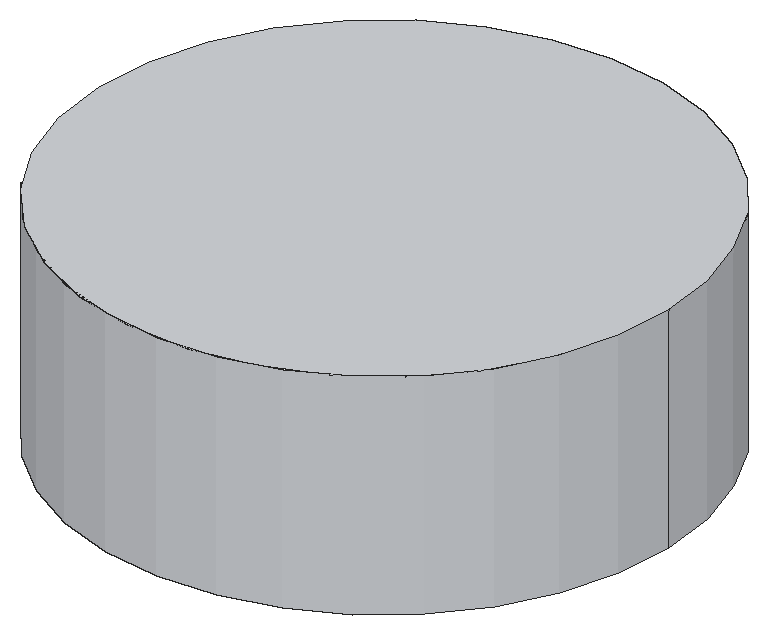
Revit family "5a3fbade23e94ae1bc0cd57a524f2b0d", category Electrical Fixtures, Revit 2021
Family settings
  Maintain Annotation Orientation = Yes
  Round Connector Dimension = Use Diameter
  Part Type = Junction Box
  OmniClass Number = 23.80.30.14.24
  OmniClass Title = Junction Boxes
  Seek Item ID = Round Plain Junction Box-0000-USA-ENU
  Work Plane-Based = No
  Always vertical = Yes
  Cut with Voids When Loaded = No
  Shared = No
  Room Calculation Point = No
Parameters (values of type "120V")
  Voltage = 480 V
  Radius = Diameter * 0.5  # 0' - 2"
  Power Factor [instance] = 1
  Number of Poles = 3
  Material = none
  Load Classification = Power
  Load [instance] = 500 VA
  Diameter = 0' - 4"
  Label = "J"
  Height = 0' - 1 1/2"
  Default Elevation = 0' - 0"
Types (5): name | Voltage | Number of Poles
  (no name) | 120 V | 1
  120V | 120 V | 1
  208V | 208 V | 3
  277V | 277 V | 1
  480V | 480 V | 3
Reference planes (in)
  plane 1 "Center (Front/Back)": y = 0
  plane 2: z = 0
  plane 3 "Center (Left/Right)": x = 0
  plane 4: z = 1.5
Forms (in)
  Extrusion 1, solid, material <- "Material"
    sketch origin (0, 0, 0) x (1, 0, 0) y (0, 1, 0)
      loop
        circle (0, 0) r 2
    from 0 to 1.5
Lines and regions (in)
  symbolic lines, detail levels fine
    curve 1: arc (2, 0, 0) -> (0, 2, 0) -> (-2, 0, 0) r 2
    curve 2: arc (-2, 0, 0) -> (0, -2, 0) -> (2, 0, 0) r 2
Dimensions and locks (in)
  "Height": plane 4 to plane 2
  "Radius": radius of Extrusion 1 sketch curve
  aligned and locked: plane 1 "Center (Front/Back)" to Extrusion 1 sketch curve
  aligned and locked: plane 3 "Center (Left/Right)" to Extrusion 1 sketch curve
  aligned and locked: Extrusion 1 to plane 2
  aligned and locked: plane 4 to Extrusion 1
  aligned and locked: plane 1 "Center (Front/Back)" to nested 1
  aligned and locked: plane 3 "Center (Left/Right)" to nested 1
  aligned and locked: curve 1 to Extrusion 1
  aligned and locked: curve 2 to Extrusion 1
Nested families (in)
  nested 1: "Round Plain Junction Box Annotation" at (0, 0, 0), type "Round Plain Junction Box Annotation", detail levels coarse+medium
Connectors (in)
  electrical at (0, 0, 1.5), driven by "Number of Poles", driven by "Voltage", driven by "Load", driven by "Power Factor", driven by "Load Classification"
    settings: on Extrusion 1, index 1, voltage 480 V, apparent load 500 VA, apparent load phase1 0 VA, apparent load phase2 0 VA, apparent load phase3 0 VA, power factor 1, load classification "Power", number of poles 3, system type 30, power factor state 1, is connector primary yes, connector utility no, sub classification motor no, connector description ""
Definition of nested family "Round Plain Junction Box Annotation"
  Parameters
    Label Annotation = "AIM"
  Reference planes (in)
    plane 1: y = 0
    plane 2: x = 0
  Lines and regions (in)
    reference lines
      curve 1: line (0.09375, 0.3651, 0) -> (0.09375, -0.30581, 0)
    detail lines
      curve 2: circle (0, 0, 0) r 0.09375 normal (0, 0, 1)
  Text (in)
    label "J" at (-0.03156, -0.00318, 0), shows "Label Annotation"
  Dimensions and locks (in)
    locked: plane 2 to curve 1 at 0.09375
    radius of curve 2 = 0' - 0 3/32"
    aligned and locked: plane 1 to curve 2
    aligned and locked: plane 2 to curve 2
